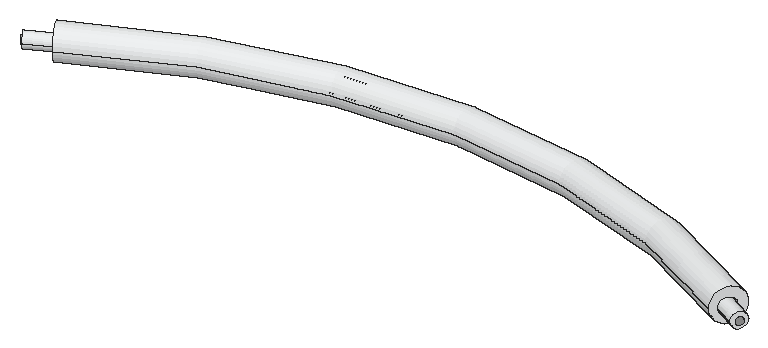
Revit family
Parameters (values of type "B42-92-10")
  URL = "http://viewer.zmags.com/publication/f01ae52f"
  Tube Radius = 21 mm
  Tube = RAL 9016
  Thermal Performance = Thermal Performance Constant * Length / 1000 mm  # 186.2824
  Socket = RAL 9016
  R = ((K ^ 2) / (8 * H) + (H / 2))  # 1816.667 mm
  Model = "B42-92-10"
  Manufacturer = "Meinertz"  # constant formula
  Length = 2 * 3.14 * R * Alpha / Full Circle  # 2116.846 mm
  Keynote = "B42-92-10"
  K = 2000 mm
  H = 300 mm
  GoGetNo = 6975  # constant formula
  Fins = yes
  Fin Radius = 46 mm
  Fin Diameter = Fin Radius * 2  # 92 mm
  Fin = RAL 9016 F
  Full Circle = 360.00°  # constant formula
  Thermal Performance Constant = if(Fin Diameter = 73 mm, 88, if(Fin Diameter = 83 mm, 104, if(Fin Diameter = 92 mm, 88, if(Fin Diameter = 98 mm, 82, if(Fin Diameter = 123 mm, 110, if(Fin Diameter = 139 mm, 133, 180))))))  # 88
  Alpha = 2 * acos((R - H) / R)  # 66.797°
Types (3, lengths in mm): name | Tube Radius | Thermal Performance | Model | Keynote | Fin Radius | Fin Diameter | Thermal Performance Constant
  (no name) | 21 | 186.2824 | "B42-92-10" | "B42-92-10" | 46 | 92 | 88
  B32-83-10 | 16.5 | 220.152 | "B32-83-10" | "B32-83-10" | 41.5 | 83 | 104
  B42-92-10 | 21 | 186.2824 | "B42-92-10" | "B42-92-10" | 46 | 92 | 88
Reference planes
  plane 1 "Center (Front/Back)": y = 0
  plane 2: z = 0
  plane 3 "Center (Left/Right)": x = 0
  plane 4: y = 877.583
  plane 5: y = -639.084
  plane 6: y = 1177.583
  plane 7: y = 915.687
Forms (mm)
  Sweep 1, solid, material "RAL 9016" <- "Tube"
    path origin (0, 0, 0) x (1, 0, 0) y (0, 1, 0)
      loop
        arc (1000, 877.583) -> (0, 1177.583) -> (-1000, 877.583) r 1816.667
    profile origin (0, 1177.583, 0) x (0, -1, 0) y (0, 0, 1)
      loop
        circle (0, 0) r 21
  Sweep 2, solid, material "RAL 9016 F" <- "Fin", visible <- "Fins"
    path origin (0, 0, 0) x (1, 0, 0) y (0, 1, 0)
      loop
        arc (939.662, 915.687) -> (0, 1177.583) -> (-939.662, 915.687) r 1816.667
    profile origin (0, 1177.583, 0) x (0, -1, 0) y (0, 0, 1)
      loop
        circle (0, 0) r 21
      loop
        circle (0, 0) r 46
  Extrusion 3, solid, material "Tap"
    sketch origin (1000, 877.583, 0) x (0.550459, 0.834862, 0) y (0, 0, 1)
      loop
        circle (0, 0) r 10
    from 0 to 5
  Extrusion 4, solid, material "Tap"
    sketch origin (-1000, 877.583, 0) x (0, 0, 1) y (-0.550459, 0.834862, 0)
      loop
        circle (0, 0) r 10
    from 0 to 5
Lines and regions (mm)
  symbolic lines
    curve 1: arc (1000, 877.583, 0) -> (0, 1177.583, 0) -> (-1000, 877.583, 0) r 1816.667
Dimensions and locks
  "H": plane 6 to plane 4
  "R": plane 6 to plane 5
  "Tube Radius": radius of Sweep 1 sketch curve
  "Tube Radius": radius of Sweep 2 sketch curve
  "Fin Radius": radius of Sweep 2 sketch curve
  "R": radius of curve 1
  aligned and locked: Sweep 2 sketch curve to curve 1
  aligned and locked: Sweep 1 sketch curve to curve 1
Automatic sketch dimensions
  Sweep 1 sketch curve to level = 0 mm
  Sweep 1 sketch curve to profile plane = 0 mm
  Sweep 2 sketch curve to Sweep 2 sketch curve = 0 mm  (x2)
  Sweep 2 sketch curve to level = 0 mm
  Sweep 2 sketch curve to profile plane = 0 mm
  plane 4 to Sweep 2 sketch curve = 38.105 mm  (x2)
  Sweep 1 sketch curve to plane 4 = 0 mm  (x2)
  curve 1 to plane 3 "Center (Left/Right)" = 0 mm
  curve 1 to plane 4 = 0 mm  (x2)
  curve 1 to plane 5 = 0 mm
  radius of Extrusion 3 sketch curve = 10 mm
  radius of Extrusion 4 sketch curve = 10 mm
Connectors
  piping at (-1004.174, 874.83, 0)
    settings: on Extrusion 4, index 1, connector radius 10 mm, flow factor 0, pipe flow 0.0 L/s, pressure drop 0.0 Pa, fitting loss kfactor 0, connector angle 0.00°, fixture units 0, flow configuration 1, flow direction 1, fitting loss method 0, system type 22, connector reference index -1, connector utility 0, adjustable connector no, is connector primary yes, fitting loss table "", connector description ""
  piping at (1004.174, 874.83, 0)
    settings: on Extrusion 3, index 2, connector radius 10 mm, flow factor 0, pipe flow 0.0 L/s, pressure drop 0.0 Pa, fitting loss kfactor 0, connector angle 0.00°, fixture units 0, flow configuration 1, flow direction 2, fitting loss method 0, system type 22, connector reference index -1, connector utility 0, adjustable connector no, is connector primary no, fitting loss table "", connector description ""
